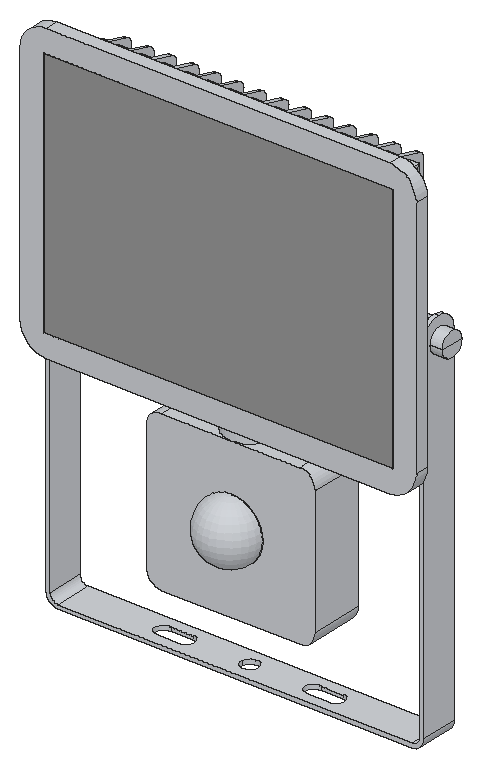
Revit family "0047122", category Lighting Fixtures, Revit 2017
Family settings
  Round Connector Dimension = Use Diameter
  Part Type = Normal
  OmniClass Number = 23.80.70.00
  OmniClass Title = Lighting
  Work Plane-Based = No
  Always vertical = Yes
  Cut with Voids When Loaded = No
  Light Source = Yes
  Shared = No
  Room Calculation Point = No
Parameters (values of type "0047122 SYLFLOOD IP54 PIR 2850LM 830 BLACK")
  Weight = "3.45 kg"
  Wattage = 28 W
  WarrantyStartDate [instance] = "n/a"
  WarrantyGuarantorParts = "n/a"
  WarrantyDurationUnit = "n/a"
  WarrantyDurationParts = "n/a"
  WarrantyDescription = "n/a"
  built-in parameter 1150110 = 1 (stored number, unit not read)
  Voltage = 0 V
  URL = "http://www.sylvania-lighting.com"
  TypeName = "SylFlood IP54 PIR 2850LM 830 Black"
  built-in parameter 1114217 = 1 (stored number, unit not read)
  Tilt Angle = 0.00°
  built-in parameter 1150109 = 1 (stored number, unit not read)
  built-in parameter 1150134 = (empty or 0)
  built-in parameter 1150113 = 1 (stored number, unit not read)
  SerialNumber [instance] = "n/a"
  PowerFactor = 0.9
  PowerConsumption = "28.0 W"
  Photometric Web File = "0047122.ies"
  NominalWidth = 0 mm
  NominalLength = 201 mm
  NominalHeight = 57 mm
  Name = "SylFlood IP54 PIR 2850LM 830 Black"
  ModelReference = "SylFlood IP54 PIR 2850LM 830 Black"
  ModelNumber = "0047122"
  Model = "SylFlood IP54 PIR 2850LM 830 Black"
  Material_4_FEILO = none
  Material_3_FEILO = none
  Material_2_FEILO = Default New Material
  Material_1_FEILO = none
  Material = "n/a"
  ManufacturerName = "Feilo Sylvania"
  Manufacturer = "Feilo Sylvania"
  LuminousEfficacy = "102 lm/W"
  Lumens = 2856 lm
  LuminaireType = ""
  built-in parameter 1150115 = 1 (stored number, unit not read)
  built-in parameter 1150105 = -3023875.7 (stored number, unit not read)
  LightOutputRatio = "n/a"
  built-in parameter 1150137 = (empty or 0)
  built-in parameter 1150139 = (empty or 0)
  LampsType = "LED"
  LampNominalLuminous = "2850 lm"
  LampMacAdamStep = "5"
  LampColourTemperature = "3000 K"
  LampColourRenderingIndex = "80"
  built-in parameter 1150112 = 1 (stored number, unit not read)
  built-in parameter 1150114 = 1 (stored number, unit not read)
  Lamp = "LED"
  LUM_WIDTH_SYL = 75 mm  # constant formula
  LUM_HEIGHT_SYL = 56 mm  # constant formula
  LUM_EXTR_ST_SYL = -5 mm
  LUM_EXTR_END_SYL = 0 mm
  LUM_DEPTH_SYL = 28 mm
  Keynote = "16500"
  InstallationDate [instance] = "n/a"
  InputVoltage = "n/a"
  InputNominalFrequency = "n/a"
  built-in parameter 1150132 = 2
  built-in parameter 1150102 = (empty or 0)
  built-in parameter 1150138 = (empty or 0)
  built-in parameter 1150107 = 3000 (stored number, unit not read)
  IngressProtection = "IP54"
  ImpactProtectionIndex = "IK06"
  built-in parameter 1150106 = -30238.8 (stored number, unit not read)
  IfcExportType = "IfcLightFixtureType"
  IfcExportAs = "IfcLightFixtureType"
  ElectricShockClassification = "Class I"
  built-in parameter 1150104 = 9.4761 (stored number, unit not read)
  DocumentationLiterature = "http://www.sylvania-lighting.com/product/en-int/products/0047122"
  DimmingControlOptions = "n/a"
  Dimming Lamp Color Temperature Shift = <None>
  DIF_WIDTH_SYL = 66 mm  # constant formula
  DIF_HEIGHT_SYL = 47.5 mm  # constant formula
  CreatedOn = "44168"
  CreatedBy = "@sylvania-lighting.com"
  Color Filter = 16777215
  ClassificationValue = "EF_70_80"
  ClassificationName = "Uniclass2015"
  CABLE_SIDE_DIST_SYL = 44 mm
  CABLE_LENGTH_SYL = 5 mm
  CABLE_FRONT_DIST_SYL = 17.5 mm
  CABLES_DIST_SYL = 56 mm
  BarCode [instance] = "n/a"
  built-in parameter 1114218 = 1 (stored number, unit not read)
  B_RAIL_R_DIST_SYL = 7 mm
  B_RAIL_HEIGHT_SYL = 27 mm
  B_RAIL_DEPTH_SYL = 44 mm
  B_RAIL_CHAMFER_SYL = 7 mm
  BRACKET_HOLDER_WIDTH_SYL = 12 mm
  BRACKET_HOLDER_HEIGHT_SYL = 17 mm
  BRACKET_HOLDER_DIST_SIDE_SYL = 2.8 mm
  BRACKET_HOLDER_DIST_BOTT_SYL = 42 mm
  BRACKET_HOLDER_DEPTH_SYL = 5.7 mm
  BOX_WIDTH_SYL = 60.5 mm
  BOX_TOP_DIST_SYL = 10.5 mm
  BOX_DEPTH_SYL = 14 mm
  BOX_BOTT_DIST_SYL = 28 mm
  BACK_RAIL_WIDTH_SYL = 1.4 mm
  BACK_RAIL_SIDE_DIST_SYL = 19 mm
  BACK_PL_EXTR_ST_SYL = -6 mm
  BACK_PL_EXTR_ST(-1)_SYL = BACK_PL_EXTR_ST_SYL * (-1)  # 6 mm
  BACK_PL_EXTR_END_SYL = -3 mm
  BACK_PL_EXTR_END(-1)_SYL = BACK_PL_EXTR_END_SYL * (-1)  # 3 mm
  built-in parameter 1150133 = 10 (stored number, unit not read)
  AssetType = "Fixed"
  AssetIdentifier [instance] = "n/a"
  Assembly Code = "D5020200"
  Apparent Load = 28 VA
  0_18W_SYL = yes
Types (2, lengths in mm): name | TypeName | built-in parameter 1150134 | Photometric Web File | Name | ModelReference | ModelNumber | Model | LuminousEfficacy | Lumens | built-in parameter 1150105 | LampNominalLuminous | LampColourTemperature | built-in parameter 1150107 | built-in parameter 1150106 | built-in parameter 1150104 | DocumentationLiterature
  0047123 SYLFLOOD IP54 PIR 3000LM 840 BLACK | "SylFlood IP54 PIR 3000LM 840 Black" | 12 | "0047123.ies" | "SylFlood IP54 PIR 3000LM 840 Black" | "SylFlood IP54 PIR 3000LM 840 Black" | "0047123" | "SylFlood IP54 PIR 3000LM 840 Black" | "107 lm/W" | 2996 lm | -3339042 (stored number, unit not read) | "3000 lm" | "4000 K" | 4000 (stored number, unit not read) | -33390.4 (stored number, unit not read) | 9.9406 (stored number, unit not read) | "http://www.sylvania-lighting.com/product/en-int/products/0047123"
  0047122 SYLFLOOD IP54 PIR 2850LM 830 BLACK | "SylFlood IP54 PIR 2850LM 830 Black" | (empty or 0) | "0047122.ies" | "SylFlood IP54 PIR 2850LM 830 Black" | "SylFlood IP54 PIR 2850LM 830 Black" | "0047122" | "SylFlood IP54 PIR 2850LM 830 Black" | "102 lm/W" | 2856 lm | -3023875.7 (stored number, unit not read) | "2850 lm" | "3000 K" | 3000 (stored number, unit not read) | -30238.8 (stored number, unit not read) | 9.4761 (stored number, unit not read) | "http://www.sylvania-lighting.com/product/en-int/products/0047122"
Reference planes
  plane 1 "Light Source Axis (F/B)": y = 0
  plane 2: z = 0
  plane 3 "Light Source Axis (L/R)": x = 0
  plane 4 "Light Source Elevation": z = -0.469
  plane 5: x = 75
  plane 6: x = -75
  plane 7: z = 56
  plane 8: z = -56
  plane 9: x = 66
  plane 10: x = -66
  plane 11: z = 47.5
  plane 12: z = -47.5
  plane 13: y = 6
  plane 14: y = 3
  plane 15: x = -60.5
  plane 16: x = 60.5
  plane 17: y = 20
  plane 18: z = 45.5
  plane 19: z = -28
  plane 20: y = 28
  plane 21: z = -14
  plane 22: z = -2
  plane 23: y = 21
  plane 24: x = 54.2
  plane 25: x = 39.5
  plane 26: x = 31
  plane 27: x = -25
  plane 28: y = 14
  plane 29: z = -38
  plane 30: y = 27
  plane 31: z = 16
  plane 32: z = 9
  plane 33: x = 56
  plane 34: x = 54.6
  plane 35: x = 47.6
  plane 36: x = 20.8
  plane 37: x = 13.8
  plane 38: x = 12.4
  plane 39: x = 5.4
  plane 40: x = 4
  plane 41: z = -50.4
  plane 42: x = 64
  plane 43: x = 70
  plane 44: z = -59.1
Forms (mm)
  Extrusion 1, solid
    sketch origin (0, 0, 0) x (1, 0, 0) y (0, 0, 1)
      loop
        arc (-65, 56) -> (-72.071, 53.071) -> (-75, 46) r 10
        line (-75, 46) -> (-75, -46)
        arc (-75, -46) -> (-72.071, -53.071) -> (-65, -56) r 10
        line (-65, -56) -> (65, -56)
        arc (65, -56) -> (72.071, -53.071) -> (75, -46) r 10
        line (75, -46) -> (75, 46)
        arc (75, 46) -> (72.071, 53.071) -> (65, 56) r 10
        line (65, 56) -> (-65, 56)
      loop
        line (-66, 47.5) -> (-66, -47.5) -> (66, -47.5) -> (66, 47.5) -> (-66, 47.5)
    from -5 <- "LUM_EXTR_ST_SYL" to 0 <- "LUM_EXTR_END_SYL"
  Extrusion 2, solid, material "Default New Material" <- "Material_2_FEILO"
    sketch origin (0, 0, 0) x (1, 0, 0) y (0, 0, 1)
      loop
        line (-66, 47.5) -> (-66, -47.5) -> (66, -47.5) -> (66, 47.5) -> (-66, 47.5)
    from -3 <- "BACK_PL_EXTR_END_SYL" to 0 <- "LUM_EXTR_END_SYL"
  Extrusion 3, solid
    sketch origin (0, 0, 0) x (1, 0, 0) y (0, 0, 1)
      loop
        line (66, 47.5) -> (-66, 47.5) -> (-66, -47.5) -> (66, -47.5) -> (66, 47.5)
    from -6 <- "BACK_PL_EXTR_ST_SYL" to -3 <- "BACK_PL_EXTR_END_SYL"
  Extrusion 4, solid
    sketch origin (0, 0, 0) x (1, 0, 0) y (0, 1, 0)
      loop
        arc (-59.5, 20) -> (-60.207, 19.707) -> (-60.5, 19) r 1
        line (-60.5, 19) -> (-60.5, 6) -> (60.5, 6) -> (60.5, 19)
        arc (60.5, 19) -> (60.207, 19.707) -> (59.5, 20) r 1
        line (59.5, 20) -> (-59.5, 20)
    from -28 to 45.5
  Extrusion 5, solid
    sketch origin (0, 0, 0) x (1, 0, 0) y (0, 1, 0)
      loop
        arc (-52.5, 28) -> (-58.157, 25.657) -> (-60.5, 20) r 8
        line (-60.5, 20) -> (-60.5, 6) -> (60.5, 6) -> (60.5, 20)
        arc (60.5, 20) -> (58.157, 25.657) -> (52.5, 28) r 8
        line (52.5, 28) -> (-52.5, 28)
    from -47.5 to -28
  Extrusion 6, solid
    sketch origin (0, 0, 0) x (0, 1, 0) y (0, 0, 1)
      loop
        line (5, -2) -> (5, -14) -> (15, -14)
        arc (15, -14) -> (19.243, -12.243) -> (21, -8) r 6
        arc (21, -8) -> (19.243, -3.757) -> (15, -2) r 6
        line (15, -2) -> (5, -2)
      loop
        circle (15, -8) r 2.5
    from 64 to 70
  Extrusion 7, solid
    sketch origin (0, 0, 0) x (1, 0, 0) y (0, 1, 0)
      loop
        circle (-25, 14) r 7
      loop
        circle (31, 14) r 9
    from -59.1 to -47.5
  Extrusion 8, solid
    sketch origin (-75.017, 5.639, -10.469) x (0, 1, 0) y (0, 0, -1)
      loop
        line (-0.625, 17.969) -> (-0.625, -34.188) -> (-0.625, -61.668) -> (19.238, -55.969)
        arc (19.238, -55.969) -> (20.908, -54.706) -> (21.299, -52.649) r 2.911
        line (21.299, -52.649) -> (21.299, 17.969) -> (-0.625, 17.969)
    from -131.017 to -129.617
  Extrusion 9, solid
    sketch origin (0, 0, 0) x (0, 1, 0) y (0, 0, -1)
      loop
        line (5, 2) -> (15, 2)
        arc (15, 2) -> (19.243, 3.757) -> (21, 8) r 6
        arc (21, 8) -> (19.243, 12.243) -> (15, 14) r 6
        line (15, 14) -> (5, 14) -> (5, 2)
      loop
        circle (15, 8) r 2.5
    from 64 to 70
  Extrusion 10, solid
    sketch origin (75.017, 5.639, -10.469) x (0, 1, 0) y (0, 0, 1)
      loop
        line (-0.625, -17.969) -> (21.299, -17.969) -> (21.299, 52.649)
        arc (21.299, 52.649) -> (20.908, 54.706) -> (19.238, 55.969) r 2.911
        line (19.238, 55.969) -> (-0.625, 61.668) -> (-0.625, 34.188) -> (-0.625, -17.969)
    from -131.017 to -129.617
  Extrusion 11, solid
    sketch origin (-185.617, 5.639, -10.469) x (0, 1, 0) y (0, 0, -1)
      loop
        line (-0.625, 17.969) -> (-0.625, -34.188) -> (-0.625, -61.668) -> (19.238, -55.969)
        arc (19.238, -55.969) -> (20.908, -54.706) -> (21.299, -52.649) r 2.911
        line (21.299, -52.649) -> (21.299, 17.969) -> (-0.625, 17.969)
    from -131.017 to -129.617
  Extrusion 12, solid
    sketch origin (-83.524, 5.639, -10.469) x (0, 1, 0) y (0, 0, -1)
      loop
        line (-0.625, 17.969) -> (-0.625, -34.188) -> (-0.625, -61.668) -> (19.238, -55.969)
        arc (19.238, -55.969) -> (20.908, -54.706) -> (21.299, -52.649) r 2.911
        line (21.299, -52.649) -> (21.299, 17.969) -> (-0.625, 17.969)
    from -131.017 to -129.617
  Extrusion 13, solid
    sketch origin (-92.032, 5.639, -10.469) x (0, 1, 0) y (0, 0, -1)
      loop
        line (-0.625, 17.969) -> (-0.625, -34.188) -> (-0.625, -61.668) -> (19.238, -55.969)
        arc (19.238, -55.969) -> (20.908, -54.706) -> (21.299, -52.649) r 2.911
        line (21.299, -52.649) -> (21.299, 17.969) -> (-0.625, 17.969)
    from -131.017 to -129.617
  Extrusion 14, solid
    sketch origin (-100.54, 5.639, -10.469) x (0, 1, 0) y (0, 0, -1)
      loop
        line (-0.625, 17.969) -> (-0.625, -34.188) -> (-0.625, -61.668) -> (19.238, -55.969)
        arc (19.238, -55.969) -> (20.908, -54.706) -> (21.299, -52.649) r 2.911
        line (21.299, -52.649) -> (21.299, 17.969) -> (-0.625, 17.969)
    from -131.017 to -129.617
  Extrusion 15, solid
    sketch origin (-109.047, 5.639, -10.469) x (0, 1, 0) y (0, 0, -1)
      loop
        line (-0.625, 17.969) -> (-0.625, -34.188) -> (-0.625, -61.668) -> (19.238, -55.969)
        arc (19.238, -55.969) -> (20.908, -54.706) -> (21.299, -52.649) r 2.911
        line (21.299, -52.649) -> (21.299, 17.969) -> (-0.625, 17.969)
    from -131.017 to -129.617
  Extrusion 16, solid
    sketch origin (-117.555, 5.639, -10.469) x (0, 1, 0) y (0, 0, -1)
      loop
        line (-0.625, 17.969) -> (-0.625, -34.188) -> (-0.625, -61.668) -> (19.238, -55.969)
        arc (19.238, -55.969) -> (20.908, -54.706) -> (21.299, -52.649) r 2.911
        line (21.299, -52.649) -> (21.299, 17.969) -> (-0.625, 17.969)
    from -131.017 to -129.617
  Extrusion 17, solid
    sketch origin (-126.063, 5.639, -10.469) x (0, 1, 0) y (0, 0, -1)
      loop
        line (-0.625, 17.969) -> (-0.625, -34.188) -> (-0.625, -61.668) -> (19.238, -55.969)
        arc (19.238, -55.969) -> (20.908, -54.706) -> (21.299, -52.649) r 2.911
        line (21.299, -52.649) -> (21.299, 17.969) -> (-0.625, 17.969)
    from -131.017 to -129.617
  Extrusion 18, solid
    sketch origin (-134.571, 5.639, -10.469) x (0, 1, 0) y (0, 0, -1)
      loop
        line (-0.625, 17.969) -> (-0.625, -34.188) -> (-0.625, -61.668) -> (19.238, -55.969)
        arc (19.238, -55.969) -> (20.908, -54.706) -> (21.299, -52.649) r 2.911
        line (21.299, -52.649) -> (21.299, 17.969) -> (-0.625, 17.969)
    from -131.017 to -129.617
  Extrusion 19, solid
    sketch origin (-143.078, 5.639, -10.469) x (0, 1, 0) y (0, 0, -1)
      loop
        line (-0.625, 17.969) -> (-0.625, -34.188) -> (-0.625, -61.668) -> (19.238, -55.969)
        arc (19.238, -55.969) -> (20.908, -54.706) -> (21.299, -52.649) r 2.911
        line (21.299, -52.649) -> (21.299, 17.969) -> (-0.625, 17.969)
    from -131.017 to -129.617
  Extrusion 20, solid
    sketch origin (-151.586, 5.639, -10.469) x (0, 1, 0) y (0, 0, -1)
      loop
        line (-0.625, 17.969) -> (-0.625, -34.188) -> (-0.625, -61.668) -> (19.238, -55.969)
        arc (19.238, -55.969) -> (20.908, -54.706) -> (21.299, -52.649) r 2.911
        line (21.299, -52.649) -> (21.299, 17.969) -> (-0.625, 17.969)
    from -131.017 to -129.617
  Extrusion 21, solid
    sketch origin (-160.094, 5.639, -10.469) x (0, 1, 0) y (0, 0, -1)
      loop
        line (-0.625, 17.969) -> (-0.625, -34.188) -> (-0.625, -61.668) -> (19.238, -55.969)
        arc (19.238, -55.969) -> (20.908, -54.706) -> (21.299, -52.649) r 2.911
        line (21.299, -52.649) -> (21.299, 17.969) -> (-0.625, 17.969)
    from -131.017 to -129.617
  Extrusion 22, solid
    sketch origin (-168.601, 5.639, -10.469) x (0, 1, 0) y (0, 0, -1)
      loop
        line (-0.625, 17.969) -> (-0.625, -34.188) -> (-0.625, -61.668) -> (19.238, -55.969)
        arc (19.238, -55.969) -> (20.908, -54.706) -> (21.299, -52.649) r 2.911
        line (21.299, -52.649) -> (21.299, 17.969) -> (-0.625, 17.969)
    from -131.017 to -129.617
  Extrusion 23, solid
    sketch origin (-177.109, 5.639, -10.469) x (0, 1, 0) y (0, 0, -1)
      loop
        line (-0.625, 17.969) -> (-0.625, -34.188) -> (-0.625, -61.668) -> (19.238, -55.969)
        arc (19.238, -55.969) -> (20.908, -54.706) -> (21.299, -52.649) r 2.911
        line (21.299, -52.649) -> (21.299, 17.969) -> (-0.625, 17.969)
    from -131.017 to -129.617
Cuts and joins
  joined: Extrusion 1, Extrusion 3, Extrusion 4, Extrusion 5
Dimensions and locks
  "LUM_WIDTH_SYL": plane 5 to plane 3 "Light Source Axis (L/R)" to plane 6
  "LUM_HEIGHT_SYL": plane 7 to plane 2 to plane 8
  "DIF_WIDTH_SYL": plane 9 to plane 3 "Light Source Axis (L/R)" to plane 10
  "DIF_HEIGHT_SYL": plane 11 to plane 2 to plane 12
  "BACK_PL_EXTR_ST(-1)_SYL": plane 1 "Light Source Axis (F/B)" to plane 13
  "BACK_PL_EXTR_END(-1)_SYL": plane 1 "Light Source Axis (F/B)" to plane 14
  "BOX_WIDTH_SYL": plane 15 to plane 3 "Light Source Axis (L/R)" to plane 16
  "BOX_DEPTH_SYL": plane 13 to plane 17
  "BOX_TOP_DIST_SYL": plane 18 to plane 7
  "BOX_BOTT_DIST_SYL": plane 8 to plane 19
  "LUM_DEPTH_SYL": plane 1 "Light Source Axis (F/B)" to plane 20
  "BRACKET_HOLDER_DIST_BOTT_SYL": plane 21 to plane 8
  "BRACKET_HOLDER_WIDTH_SYL": plane 22 to plane 21
  cut or joined group of Extrusion 1, Extrusion 3, Extrusion 4, Extrusion 5 to plane 23 = 15 mm
  cut or joined group of Extrusion 1, Extrusion 3, Extrusion 4, Extrusion 5 to plane 24 = 20.8 mm
  plane 25 to plane 24 = 14.7 mm
  "CABLES_DIST_SYL": plane 27 to plane 26
  "CABLE_SIDE_DIST_SYL": plane 26 to plane 5
  cut or joined group of Extrusion 1, Extrusion 3, Extrusion 4, Extrusion 5 to plane 28 = 14 mm
  cut or joined group of Extrusion 1, Extrusion 3, Extrusion 4, Extrusion 5 to plane 29 = 18 mm
  "B_RAIL_HEIGHT_SYL": plane 30 to plane 1 "Light Source Axis (F/B)"
  "B_RAIL_DEPTH_SYL": plane 31 to plane 19
  "B_RAIL_CHAMFER_SYL": plane 31 to plane 32
  "BACK_RAIL_SIDE_DIST_SYL": plane 5 to plane 33
  "BACK_RAIL_WIDTH_SYL": plane 33 to plane 34
  "B_RAIL_R_DIST_SYL": plane 34 to plane 35
  "B_RAIL_R_DIST_SYL": plane 36 to plane 37
  "BACK_RAIL_WIDTH_SYL": plane 37 to plane 38
  "BACK_RAIL_WIDTH_SYL": plane 39 to plane 40
  "B_RAIL_R_DIST_SYL": plane 38 to plane 39
  plane 35 to plane 26 = 16.6 mm
  equal spacing: group 2, group 14, group 13, group 12, group 11, group 10, group 9, group 8, group 7, group 6, group 5, group 4, group 3, group 1
  equal spacing: group 1, group 3, group 4, group 5, group 6, group 7, group 8, group 9, group 10, group 11, group 12, group 13, group 14, group 2  (x2)
  aligned and locked: plane 4 "Light Source Elevation" to imposter light
  aligned and locked: level to plane 2
  aligned and locked: Extrusion 1 sketch curve to plane 7
  aligned and locked: plane 6 to Extrusion 1 sketch curve
  aligned and locked: plane 8 to Extrusion 1 sketch curve
  aligned and locked: Extrusion 1 sketch curve to plane 5
  aligned and locked: Extrusion 1 sketch curve to plane 11
  aligned and locked: plane 10 to Extrusion 1 sketch curve
  aligned and locked: plane 12 to Extrusion 1 sketch curve
  aligned and locked: Extrusion 1 sketch curve to plane 9
  aligned and locked: Extrusion 2 sketch curve to Extrusion 1  (x4)
  aligned and locked: Extrusion 3 sketch curve to Extrusion 1  (x4)
  aligned and locked: Extrusion 3 to Extrusion 2
  aligned and locked: plane 17 to Extrusion 4 sketch curve
  aligned and locked: plane 15 to Extrusion 4 sketch curve
  aligned and locked: Extrusion 4 sketch curve to plane 13
  aligned and locked: Extrusion 4 sketch curve to plane 16
  aligned and locked: plane 18 to Extrusion 4
  aligned and locked: Extrusion 4 to plane 19
  aligned and locked: plane 20 to Extrusion 5 sketch curve
  aligned and locked: plane 15 to Extrusion 5 sketch curve
  aligned and locked: cut or joined group of Extrusion 1, Extrusion 3, Extrusion 4, Extrusion 5 to Extrusion 5 sketch curve
  aligned and locked: Extrusion 5 sketch curve to cut or joined group of Extrusion 1, Extrusion 3, Extrusion 4, Extrusion 5
  aligned and locked: plane 19 to Extrusion 5
  aligned and locked: Extrusion 5 to plane 12
  aligned and locked: Extrusion 6 sketch curve to plane 22
  aligned and locked: plane 21 to Extrusion 6 sketch curve
  aligned and locked: Extrusion 7 to Extrusion 2
  aligned and locked: Extrusion 6 to cut or joined group of Extrusion 1, Extrusion 3, Extrusion 4, Extrusion 5
  aligned and locked: plane 42 to Extrusion 6
  aligned and locked: Extrusion 6 to plane 43
  aligned and locked: Extrusion 7 to plane 44
  aligned and locked: plane 33 to Extrusion 8
  aligned and locked: Extrusion 8 to plane 34
Automatic sketch dimensions
  plane 18 to Extrusion 1 sketch curve = 0.5 mm  (x2)
  plane 10 to Extrusion 1 sketch curve = 1 mm
  Extrusion 1 sketch curve to plane 9 = 1 mm
  plane 15 to Extrusion 4 sketch curve = 1 mm
  Extrusion 4 sketch curve to plane 16 = 1 mm
  Extrusion 5 sketch curve to plane 15 = 0 mm
  plane 28 to Extrusion 5 sketch curve = 6 mm  (x2)
  Extrusion 6 sketch curve to Extrusion 6 sketch curve = 0 mm  (x5)
  Extrusion 6 sketch curve to plane 23 = 0 mm
  plane 13 to Extrusion 6 sketch curve = 1 mm
  Extrusion 7 sketch curve to plane 27 = 0 mm
  Extrusion 7 sketch curve to plane 26 = 0 mm
  Extrusion 7 sketch curve to plane 28 = 0 mm  (x2)
  Extrusion 9 sketch curve to Extrusion 9 sketch curve = 0 mm  (x6)
  Extrusion 9 sketch curve to plane 21 = 0 mm
  Extrusion 9 sketch curve to plane 22 = 0 mm
  Extrusion 9 sketch curve to plane 23 = 0 mm
  plane 13 to Extrusion 9 sketch curve = 1 mm
  Extrusion 10 sketch curve to plane 18 = 0 mm
  Extrusion 10 sketch curve to plane 19 = 0.438 mm
  plane 13 to Extrusion 10 sketch curve = 0.986 mm
  plane 30 to Extrusion 10 sketch curve = 2.927 mm
  plane 30 to Extrusion 10 sketch curve = 2.124 mm
  plane 30 to Extrusion 10 sketch curve = 0.062 mm
  plane 31 to Extrusion 10 sketch curve = 7.719 mm
  Extrusion 10 sketch curve to plane 18 = 3.32 mm
  Extrusion 8 sketch curve to Extrusion 8 sketch curve = 19.06 mm
  Extrusion 8 sketch curve to Extrusion 8 sketch curve = 0.803 mm
  Extrusion 8 sketch curve to Extrusion 8 sketch curve = 21.924 mm
  Extrusion 8 sketch curve to Extrusion 8 sketch curve = 5.699 mm
  Extrusion 8 sketch curve to Extrusion 8 sketch curve = 18.983 mm
  Extrusion 8 sketch curve to Extrusion 8 sketch curve = 52.156 mm
  Extrusion 11 sketch curve to Extrusion 11 sketch curve = 19.06 mm
  Extrusion 11 sketch curve to Extrusion 11 sketch curve = 0.803 mm
  Extrusion 11 sketch curve to Extrusion 11 sketch curve = 21.924 mm
  Extrusion 11 sketch curve to Extrusion 11 sketch curve = 5.699 mm
  Extrusion 11 sketch curve to Extrusion 11 sketch curve = 18.983 mm
  Extrusion 11 sketch curve to Extrusion 11 sketch curve = 52.156 mm
  Extrusion 12 sketch curve to Extrusion 12 sketch curve = 19.06 mm
  Extrusion 12 sketch curve to Extrusion 12 sketch curve = 0.803 mm
  Extrusion 12 sketch curve to Extrusion 12 sketch curve = 21.924 mm
  Extrusion 12 sketch curve to Extrusion 12 sketch curve = 5.699 mm
  Extrusion 12 sketch curve to Extrusion 12 sketch curve = 18.983 mm
  Extrusion 12 sketch curve to Extrusion 12 sketch curve = 52.156 mm
  Extrusion 13 sketch curve to Extrusion 13 sketch curve = 19.06 mm
  Extrusion 13 sketch curve to Extrusion 13 sketch curve = 0.803 mm
  Extrusion 13 sketch curve to Extrusion 13 sketch curve = 21.924 mm
  Extrusion 13 sketch curve to Extrusion 13 sketch curve = 5.699 mm
  Extrusion 13 sketch curve to Extrusion 13 sketch curve = 18.983 mm
  Extrusion 13 sketch curve to Extrusion 13 sketch curve = 52.156 mm
  Extrusion 14 sketch curve to Extrusion 14 sketch curve = 19.06 mm
  Extrusion 14 sketch curve to Extrusion 14 sketch curve = 0.803 mm
  Extrusion 14 sketch curve to Extrusion 14 sketch curve = 21.924 mm
  Extrusion 14 sketch curve to Extrusion 14 sketch curve = 5.699 mm
  Extrusion 14 sketch curve to Extrusion 14 sketch curve = 18.983 mm
  Extrusion 14 sketch curve to Extrusion 14 sketch curve = 52.156 mm
  Extrusion 15 sketch curve to Extrusion 15 sketch curve = 19.06 mm
  Extrusion 15 sketch curve to Extrusion 15 sketch curve = 0.803 mm
  Extrusion 15 sketch curve to Extrusion 15 sketch curve = 21.924 mm
  Extrusion 15 sketch curve to Extrusion 15 sketch curve = 5.699 mm
  Extrusion 15 sketch curve to Extrusion 15 sketch curve = 18.983 mm
  Extrusion 15 sketch curve to Extrusion 15 sketch curve = 52.156 mm
  Extrusion 16 sketch curve to Extrusion 16 sketch curve = 19.06 mm
  Extrusion 16 sketch curve to Extrusion 16 sketch curve = 0.803 mm
  Extrusion 16 sketch curve to Extrusion 16 sketch curve = 21.924 mm
  Extrusion 16 sketch curve to Extrusion 16 sketch curve = 5.699 mm
  Extrusion 16 sketch curve to Extrusion 16 sketch curve = 18.983 mm
  Extrusion 16 sketch curve to Extrusion 16 sketch curve = 52.156 mm
  Extrusion 17 sketch curve to Extrusion 17 sketch curve = 19.06 mm
  Extrusion 17 sketch curve to Extrusion 17 sketch curve = 0.803 mm
  Extrusion 17 sketch curve to Extrusion 17 sketch curve = 21.924 mm
  Extrusion 17 sketch curve to Extrusion 17 sketch curve = 5.699 mm
  Extrusion 17 sketch curve to Extrusion 17 sketch curve = 18.983 mm
  Extrusion 17 sketch curve to Extrusion 17 sketch curve = 52.156 mm
  Extrusion 18 sketch curve to Extrusion 18 sketch curve = 19.06 mm
  Extrusion 18 sketch curve to Extrusion 18 sketch curve = 0.803 mm
  Extrusion 18 sketch curve to Extrusion 18 sketch curve = 21.924 mm
  Extrusion 18 sketch curve to Extrusion 18 sketch curve = 5.699 mm
  Extrusion 18 sketch curve to Extrusion 18 sketch curve = 18.983 mm
  Extrusion 18 sketch curve to Extrusion 18 sketch curve = 52.156 mm
  Extrusion 19 sketch curve to Extrusion 19 sketch curve = 19.06 mm
  Extrusion 19 sketch curve to Extrusion 19 sketch curve = 0.803 mm
  Extrusion 19 sketch curve to Extrusion 19 sketch curve = 21.924 mm
  Extrusion 19 sketch curve to Extrusion 19 sketch curve = 5.699 mm
  Extrusion 19 sketch curve to Extrusion 19 sketch curve = 18.983 mm
  Extrusion 19 sketch curve to Extrusion 19 sketch curve = 52.156 mm
  Extrusion 20 sketch curve to Extrusion 20 sketch curve = 19.06 mm
  Extrusion 20 sketch curve to Extrusion 20 sketch curve = 0.803 mm
  Extrusion 20 sketch curve to Extrusion 20 sketch curve = 21.924 mm
  Extrusion 20 sketch curve to Extrusion 20 sketch curve = 5.699 mm
  Extrusion 20 sketch curve to Extrusion 20 sketch curve = 18.983 mm
  Extrusion 20 sketch curve to Extrusion 20 sketch curve = 52.156 mm
  Extrusion 21 sketch curve to Extrusion 21 sketch curve = 19.06 mm
  Extrusion 21 sketch curve to Extrusion 21 sketch curve = 0.803 mm
  Extrusion 21 sketch curve to Extrusion 21 sketch curve = 21.924 mm
  Extrusion 21 sketch curve to Extrusion 21 sketch curve = 5.699 mm
  Extrusion 21 sketch curve to Extrusion 21 sketch curve = 18.983 mm
  Extrusion 21 sketch curve to Extrusion 21 sketch curve = 52.156 mm
  Extrusion 22 sketch curve to Extrusion 22 sketch curve = 19.06 mm
  Extrusion 22 sketch curve to Extrusion 22 sketch curve = 0.803 mm
  Extrusion 22 sketch curve to Extrusion 22 sketch curve = 21.924 mm
  Extrusion 22 sketch curve to Extrusion 22 sketch curve = 5.699 mm
  Extrusion 22 sketch curve to Extrusion 22 sketch curve = 18.983 mm
  Extrusion 22 sketch curve to Extrusion 22 sketch curve = 52.156 mm
  Extrusion 23 sketch curve to Extrusion 23 sketch curve = 19.06 mm
  Extrusion 23 sketch curve to Extrusion 23 sketch curve = 0.803 mm
  Extrusion 23 sketch curve to Extrusion 23 sketch curve = 21.924 mm
  Extrusion 23 sketch curve to Extrusion 23 sketch curve = 5.699 mm
  Extrusion 23 sketch curve to Extrusion 23 sketch curve = 18.983 mm
  Extrusion 23 sketch curve to Extrusion 23 sketch curve = 52.156 mm
  radius of Extrusion 6 sketch curve = 2.5 mm
  radius of Extrusion 7 sketch curve = 7 mm
  radius of Extrusion 7 sketch curve = 9 mm
  radius of Extrusion 9 sketch curve = 2.5 mm
Nested families
  nested 1: "bolt" at (71.5, 15, -8.05), type "bolt"
  nested 2: "bolt" at (-71.5, 15, -8.011) x (-1, 0, 0) z (0, 0, 1), type "bolt"
  nested 3: "PIR" at (0, 6, -93.516) x (-1, 0, 0) z (0, 0, 1), type "PIR"
  nested 4: "START Flood Flat - 27W_bracket - PIR" at (0, 15, -107.53), type "START Flood Flat - 27W_bracket - PIR"
Definition of nested family "bolt"
  Parameters (values of type "bolt")
    Material_4_SYL = none
    Material_3_SYL = none
    Material_2_SYL = none
    Material_1_SYL = none
  Reference planes
    plane 1 "Center (Front/Back)": y = 0
    plane 2: z = 0
    plane 3 "Center (Left/Right)": x = 0
    plane 4: x = 5
    plane 5: x = -10
    plane 6: y = 2.5
    plane 7: y = -2.5
    plane 8: y = 4.5
    plane 9: y = -4.5
  Forms (mm)
    Revolve 1, solid
      sketch origin (0, 0, 0) x (1, 0, 0) y (0, 1, 0)
        loop
          line (5, 0) -> (-10, 0) -> (-10, -2.5) -> (0, -2.5) -> (0, -4.5) -> (5, -4.5) -> (5, 0)
        axis (5, 0) -> (-10, 0)
      angle from 0 to 360
  Dimensions and locks
    aligned and locked: level to plane 2
Definition of nested family "PIR"
  Parameters (values of type "PIR")
    Material_4_SYL = none
    Material_3_SYL = none
    Material_2_SYL = none
    Material_1_SYL = none
  Reference planes
    plane 1 "Center (Front/Back)": y = 0
    plane 2: z = 0
    plane 3 "Center (Left/Right)": x = 0
    plane 4: z = -30
    plane 5: z = 30
    plane 6: x = 32
    plane 7: x = -32
    plane 8: x = 12
    plane 9: z = 12
    plane 10: z = -12
    plane 11: z = 46
    plane 12: x = 10
    plane 13: y = -10
  Forms (mm)
    Extrusion 1, solid
      sketch origin (0, 0, 0) x (1, 0, 0) y (0, 0, 1)
        loop
          arc (-26, 30) -> (-30.243, 28.243) -> (-32, 24) r 6
          line (-32, 24) -> (-32, -24)
          arc (-32, -24) -> (-30.243, -28.243) -> (-26, -30) r 6
          line (-26, -30) -> (26, -30)
          arc (26, -30) -> (30.243, -28.243) -> (32, -24) r 6
          line (32, -24) -> (32, 24)
          arc (32, 24) -> (30.243, 28.243) -> (26, 30) r 6
          line (26, 30) -> (-26, 30)
      from 0 to 20
    Revolve 2, solid
      sketch origin (0, 0, 0) x (1, 0, 0) y (0, 0, 1)
        loop
          line (0, 12) -> (0, -12)
          arc (0, -12) -> (12, 0) -> (0, 12) r 12
        axis (0, 12) -> (0, -12)
      angle from 0 to 360
    Extrusion 3, solid
      sketch origin (0, 0, 0) x (1, 0, 0) y (0, 1, 0)
        loop
          circle (0, -10) r 10
      from 30 to 46
  Dimensions and locks
    aligned and locked: level to plane 2
    aligned and locked: Extrusion 1 sketch curve to plane 5
    aligned and locked: plane 7 to Extrusion 1 sketch curve
    aligned and locked: plane 4 to Extrusion 1 sketch curve
    aligned and locked: Extrusion 1 sketch curve to plane 6
    aligned and locked: plane 3 "Center (Left/Right)" to Revolve 2 sketch curve
    aligned and locked: plane 10 to Revolve 2 sketch curve
    aligned and locked: Revolve 2 sketch curve to plane 3 "Center (Left/Right)"
    aligned and locked: plane 11 to Extrusion 3
    aligned and locked: Extrusion 3 to plane 5
Definition of nested family "START Flood Flat - 27W_bracket - PIR"
  Parameters (values of type "START Flood Flat - 27W_bracket - PIR")
    WIDTH_SYL = 143 mm
    THICKNESS_SYL = 1.5 mm
    Material_4_SYL = none
    Material_3_SYL = none
    Material_2_SYL = none
    Material_1_SYL = none
    HOLE_DIST_SYL = 8.5 mm
    HOLE2_DIST_SYL = 8 mm
    HEIGHT_SYL = 145 mm
    HALF_SYL = WIDTH_SYL / 2  # 71.5 mm
    FILLET_SYL = 7 mm
    DEPTH_2_SYL = -7 mm
    DEPTH_1_SYL = 7 mm
    CUTOUT_DIST_SYL = 24.2 mm
  Reference planes
    plane 1 "Center (Front/Back)": y = 0
    plane 2: z = 0
    plane 3 "Center (Left/Right)": x = 0
    plane 4: x = -71.5
    plane 5: x = 71.5
    plane 6: z = -37.5
    plane 7: z = 107.5
    plane 8: x = -70
    plane 9: z = -36
    plane 10: x = 70
    plane 11: z = 99.5
    plane 12: z = 100.5
    plane 13: x = 24.2
    plane 14: x = -24.2
    plane 15: x = 32.7
    plane 16: x = -32.7
  Forms (mm)
    Extrusion 1, solid
      sketch origin (0, 0, 0) x (1, 0, 0) y (0, 0, 1)
        loop
          arc (-71.5, -33) -> (-70.182, -36.182) -> (-67, -37.5) r 4.5
          line (-67, -37.5) -> (67, -37.5)
          arc (67, -37.5) -> (70.182, -36.182) -> (71.5, -33) r 4.5
          line (71.5, -33) -> (71.5, 107.5) -> (70, 107.5) -> (70, -33)
          arc (70, -33) -> (69.121, -35.121) -> (67, -36) r 3
          line (67, -36) -> (-67, -36)
          arc (-67, -36) -> (-69.121, -35.121) -> (-70, -33) r 3
          line (-70, -33) -> (-70, 107.5) -> (-71.5, 107.5) -> (-71.5, -33)
      from -7 <- "DEPTH_2_SYL" to 7 <- "DEPTH_1_SYL"
    Extrusion 2, void
      sketch origin (0, 0, 0) x (0, 1, 0) y (0, 0, 1)
        loop
          circle (0, 99.5) r 3.15
      from -71.5 to 71.5
    Extrusion 3, void
      sketch origin (0, 0, 0) x (0, 1, 0) y (0, 0, 1)
        loop
          line (7, 100.5) -> (14.83, 113.08) -> (-15.17, 113.08) -> (-7, 100.5)
          arc (-7, 100.5) -> (-4.95, 105.45) -> (0, 107.5) r 7
          arc (0, 107.5) -> (4.95, 105.45) -> (7, 100.5) r 7
      from -71.5 to 71.5
    Extrusion 4, void
      sketch origin (0, 0, 0) x (1, 0, 0) y (0, 1, 0)
        loop
          circle (0, 0) r 3.25
        loop
          arc (-32.7, 3.25) -> (-35.95, 0) -> (-32.7, -3.25) r 3.25
          line (-32.7, -3.25) -> (-24.2, -3.25)
          arc (-24.2, -3.25) -> (-20.95, 0) -> (-24.2, 3.25) r 3.25
          line (-24.2, 3.25) -> (-32.7, 3.25)
        loop
          line (24.2, -3.25) -> (32.7, -3.25)
          arc (32.7, -3.25) -> (35.95, 0) -> (32.7, 3.25) r 3.25
          line (32.7, 3.25) -> (24.2, 3.25)
          arc (24.2, 3.25) -> (20.95, 0) -> (24.2, -3.25) r 3.25
      from -54.767 to -28.006
  Cuts and joins
    Extrusion 2, Extrusion 3, Extrusion 4 cuts Extrusion 1
  Dimensions and locks
    "THICKNESS_SYL": plane 8 to plane 4
    "THICKNESS_SYL": plane 5 to plane 10
    "WIDTH_SYL": plane 5 to plane 4
    "HEIGHT_SYL": plane 7 to plane 6
    "FILLET_SYL": plane 7 to plane 12
    "CUTOUT_DIST_SYL": plane 14 to plane 3 "Center (Left/Right)" to plane 13
    "HOLE_DIST_SYL": plane 16 to plane 14
    "HOLE_DIST_SYL": plane 13 to plane 15
    "HOLE2_DIST_SYL": plane 7 to plane 11
    "HALF_SYL": plane 4 to plane 3 "Center (Left/Right)"
    aligned and locked: level to plane 2
    aligned and locked: plane 4 to Extrusion 1 sketch curve
    aligned and locked: plane 6 to Extrusion 1 sketch curve
    aligned and locked: Extrusion 1 sketch curve to plane 5
    aligned and locked: plane 8 to Extrusion 1 sketch curve
    aligned and locked: plane 9 to Extrusion 1 sketch curve
    aligned and locked: Extrusion 1 sketch curve to plane 10
    aligned and locked: plane 7 to Extrusion 1 sketch curve  (x2)
    aligned and locked: Extrusion 1 to Extrusion 2  (x2)
    aligned and locked: Extrusion 1 to Extrusion 3
    aligned and locked: Extrusion 3 to Extrusion 1
  Automatic sketch dimensions
    Extrusion 1 sketch curve to Extrusion 1 sketch curve = 0 mm
    plane 8 to Extrusion 1 sketch curve = 3 mm
    Extrusion 1 sketch curve to plane 10 = 3 mm
    Extrusion 1 sketch curve to Extrusion 1 sketch curve = 3 mm
    Extrusion 2 sketch curve to plane 1 "Center (Front/Back)" = 0 mm
    Extrusion 2 sketch curve to plane 11 = 0 mm
    Extrusion 3 sketch curve to Extrusion 3 sketch curve = 0 mm
    Extrusion 3 sketch curve to plane 12 = 0 mm
    Extrusion 3 sketch curve to plane 1 "Center (Front/Back)" = 0 mm
    Extrusion 3 sketch curve to plane 7 = 0 mm
    Extrusion 3 sketch curve to Extrusion 3 sketch curve = 8.17 mm
    plane 7 to Extrusion 3 sketch curve = 5.58 mm
    Extrusion 3 sketch curve to Extrusion 3 sketch curve = 7.83 mm
    plane 1 "Center (Front/Back)" to Extrusion 4 sketch curve = 0 mm  (x3)
    Extrusion 4 sketch curve to plane 16 = 0 mm
    Extrusion 4 sketch curve to plane 14 = 0 mm
    Extrusion 4 sketch curve to plane 3 "Center (Left/Right)" = 0 mm
    Extrusion 4 sketch curve to plane 13 = 0 mm
    Extrusion 4 sketch curve to plane 15 = 0 mm
    plane 1 "Center (Front/Back)" to Extrusion 4 sketch curve = 3.25 mm  (x2)
    radius of Extrusion 2 sketch curve = 3.15 mm
    radius of Extrusion 4 sketch curve = 3.25 mm
